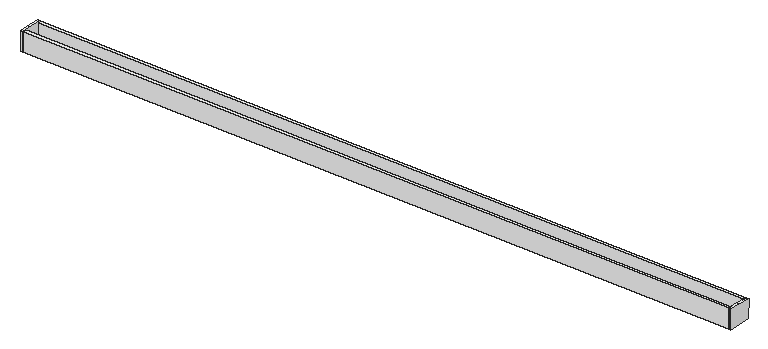
Revit family "70L-S-D", category Lighting Fixtures, host Face, Revit 2021
Family settings
  Host = Face
  Round Connector Dimension = Use Diameter
  Part Type = Normal
  OmniClass Number = 23.80.70.14.21
  OmniClass Title = Street and Roadway Lighting
  Cut with Voids When Loaded = No
  Light Source = Yes
  Shared = Yes
  Room Calculation Point = No
Parameters (values of type "70L-S-D-08")
  zz Length 1 = 96.000"
  Watts = 25 W
  Wattage Comments = ""
  Wattage = 106.5 W
  built-in parameter 1150110 = 1 (stored number, unit not read)
  Voltage = 120 V
  URL = "https://www.currentlighting.com/litecontrol"
  Type Comments = "Lighting Fixtures"  # constant formula
  built-in parameter 1114217 = 1 (stored number, unit not read)
  Tilt Angle = -90.00°  # constant formula
  built-in parameter 1150109 = 1 (stored number, unit not read)
  built-in parameter 1150134 = (empty or 0)
  built-in parameter 1150113 = 1 (stored number, unit not read)
  Product Page URL = ""
  Product Material = White
  Product Documentation Link = ""
  Power Factor = 1
  Photometric Web Link = ""
  Photometric Web File = "70L-X-D-4-CX-35K-D030-ECC.ies"
  Photometric Note = "More Photometric Web Files dowload in the Web link"  # constant formula
  Model = "Nelo 70L"  # constant formula
  Manufacturer = "Litecontrol"  # constant formula
  built-in parameter 1150105 = -5126353.4 (stored number, unit not read)
  Lumens = 12247.5 lm
  built-in parameter 1150115 = 1 (stored number, unit not read)
  Load Classification = Lighting
  built-in parameter 1150137 = (empty or 0)
  built-in parameter 1150139 = (empty or 0)
  built-in parameter 1150112 = 1 (stored number, unit not read)
  built-in parameter 1150114 = 1 (stored number, unit not read)
  Lamp = "LED"  # constant formula
  built-in parameter 1150132 = (empty or 0)
  built-in parameter 1150102 = (empty or 0)
  built-in parameter 1150107 = 3107 (stored number, unit not read)
  built-in parameter 1150138 = (empty or 0)
  built-in parameter 1150106 = -51263.5 (stored number, unit not read)
  Glass = Glass -  White
  Features = " Variable Intensity technology provides a range of specifiable outputs and \r\nresulting fixture wattages\r\n•  1200 lumens max. See performance data table on page 4 for additional \r\ninformation\r\n•  80 & 90 CRI (30, 35, 40K); Warm Dim (30-22K), Tunable White (27-65K & 27-50K)"  # constant formula
  Emit from Line Length = zz Length 1 - 1.000"  # 95.000"
  built-in parameter 1150104 = 10.684 (stored number, unit not read)
  Dimming Lamp Color Temperature Shift = <None>
  Description = "Open Aperture Recessed Direct"  # constant formula
  Default Elevation = 48.000"
  Contact Us = ""
  Color Filter = 16777215
  built-in parameter 1114218 = 1 (stored number, unit not read)
  built-in parameter 1150133 = 10 (stored number, unit not read)
  Assembly Code = "D5020200"
  Apparent Load = Watts / Power Factor  # 25 VA
Types (7): name | zz Length 1 | Emit from Line Length
  (no name) | 96.000" | 95.000"
  70L-S-D-02 | 24.000" | 23.000"
  70L-S-D-03 | 36.000" | 35.000"
  70L-S-D-04 | 48.000" | 47.000"
  70L-S-D-05 | 60.000" | 59.000"
  70L-S-D-06 | 72.000" | 71.000"
  70L-S-D-08 | 96.000" | 95.000"
Reference planes (in)
  plane 1 "Center (Front/Back)": y = 0
  plane 2: z = 0
  plane 3 "Center (Left/Right)": x = 0
  plane 4: x = 48
  plane 5: x = -48
  plane 6: y = -1.5
  plane 7: y = 1.5
  plane 8: z = 13.75
  plane 9: x = 48.313
  plane 10: x = -48.313
  plane 11: x = -47
  plane 12: x = 47
Forms (in)
  Extrusion 1, solid, material "White" <- "Product Material"
    sketch origin (0, 0, -11.25) x (0, 1, 0) y (0, 0, 1)
      loop
        line (1.5, 13.75) -> (1, 13.75) -> (1, 12) -> (0, 12) -> (-1, 12) -> (-1, 13.75) -> (-1.5, 13.75) -> (-1.5, 11.25) -> (1.5, 11.25) -> (1.5, 13.75)
    from -48 to 48
  Extrusion 2, solid, material "White" <- "Product Material"
    sketch origin (0, 0, -11.25) x (0, 1, 0) y (0, 0, 1)
      loop
        line (-1.5, 13.75) -> (-1.5, 11.25) -> (1.5, 11.25) -> (1.5, 13.75) -> (0, 13.75) -> (-1.5, 13.75)
    from 48 to 48.313
  Extrusion 3, solid, material "White" <- "Product Material"
    sketch origin (0, 0, -11.25) x (0, 1, 0) y (0, 0, -1)
      loop
        line (-1.5, -13.75) -> (-0.25, -13.75) -> (1.5, -13.75) -> (1.5, -11.25) -> (-1.5, -11.25) -> (-1.5, -13.75)
    from 48 to 48.313
Dimensions and locks (in)
  "zz Length 1": plane 4 to plane 5
  equal spacing: plane 4, plane 3 "Center (Left/Right)", plane 5
  locked: plane 4 to plane 12 at 1
  locked: plane 9 to plane 4 at 0.313
  locked: plane 11 to plane 5 at 1
  locked: plane 5 to plane 10 at 0.313
  aligned and locked: plane 2 to host face
  aligned and locked: level to host face
  aligned and locked: Extrusion 1 to plane 5
  aligned and locked: plane 4 to Extrusion 1
  aligned and locked: plane 9 to Extrusion 2
  aligned and locked: Extrusion 2 to plane 4
  aligned and locked: Extrusion 3 to plane 10
  aligned and locked: plane 5 to Extrusion 3
Automatic sketch dimensions
  host sketch curve to host sketch curve = 96.000"  (x2)
  Extrusion 1 sketch curve to plane 6 = 0.000"
  Extrusion 1 sketch curve to plane 8 = 11.250"  (x2)
  Extrusion 1 sketch curve to plane 1 "Center (Front/Back)" = 0.000"
  Extrusion 1 sketch curve to plane 7 = 0.000"
  Extrusion 1 sketch curve to plane 6 = 0.500"
  plane 7 to Extrusion 1 sketch curve = 0.500"
  Extrusion 2 sketch curve to plane 6 = 0.000"
  Extrusion 2 sketch curve to plane 8 = 11.250"
  Extrusion 2 sketch curve to plane 7 = 0.000"
  Extrusion 3 sketch curve to plane 6 = 0.000"
  Extrusion 3 sketch curve to plane 8 = 11.250"
  Extrusion 3 sketch curve to plane 7 = 0.000"
  Extrusion 1 sketch curve to plane 8 = 13.000"
  Extrusion 1 sketch curve to Extrusion 1 sketch curve = 0.750"
  Extrusion 2 sketch curve to level = 0.000"
  Extrusion 2 sketch curve to plane 6 = 1.500"
  Extrusion 3 sketch curve to level = 0.000"
  Extrusion 3 sketch curve to plane 6 = 1.250"
Connectors (in)
  electrical at (0, 0, 0), driven by "Apparent Load", driven by "Voltage"
    settings: on Extrusion 1, index 1, voltage 120 V, apparent load 25 VA, apparent load phase1 0 VA, apparent load phase2 0 VA, apparent load phase3 0 VA, power factor 1, load classification "Other", number of poles 1, system type 30, power factor state 1, is connector primary yes, connector utility no, sub classification motor no, connector description "Lighting Connector"
